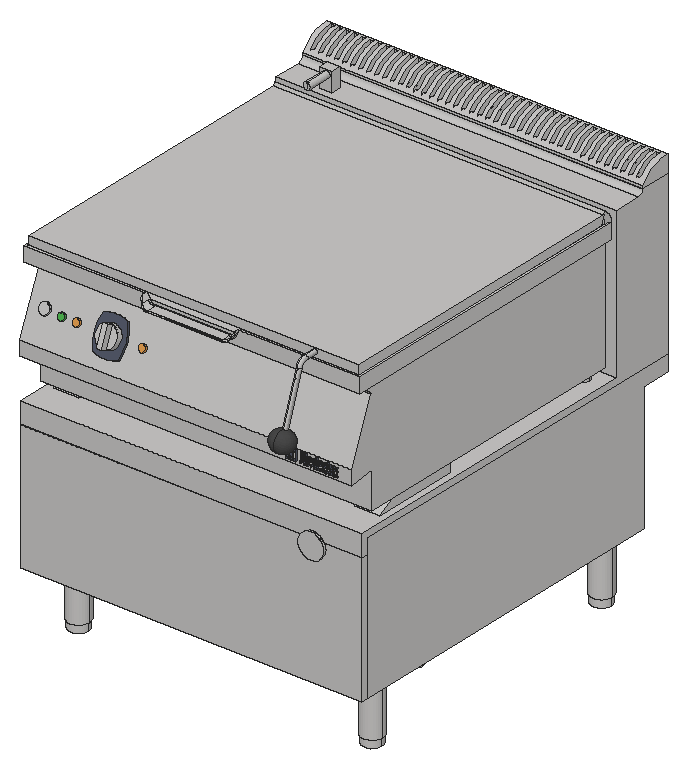
Revit family "QF_ELECTROLUXPROFESSIONAL_391598_E9PPBTBAMED", category Attrezzature speciali, Revit 2021 (continued)
Lines and regions (mm)
  symbolic lines
    curve 224: line (760.562, -6.761, 0) -> (760.562, -63.911, 0)
    curve 225: line (777.847, -63.911, 0) -> (787.142, -63.911, 0)
    curve 226: line (787.142, -63.911, 0) -> (787.142, -6.761, 0)
    curve 227: line (787.142, -6.761, 0) -> (777.847, -6.761, 0)
    curve 228: line (777.847, -6.761, 0) -> (777.847, -63.911, 0)
  symbolic lines, style "QF_Clearances", visible <- "Show Clearance", detail levels coarse
    curve 17: line (-50, 50, 150) -> (-50, -918.182, 150)
    curve 18: line (850, 50, 150) -> (850, -915, 150)
    curve 19: line (850, 50, 150) -> (-50, 50, 150)
Dimensions and locks
  equal spacing: plane 3 "LEFT", plane 7 "Center Y", plane 4 "RIGHT"
  plane 3 "LEFT" to plane 4 "RIGHT" = 800 mm
  equal spacing: plane 5 "FRONT", plane 8 "Center X", plane 1 "BACK"
  plane 5 "FRONT" to plane 1 "BACK" = 915 mm  (x2)
  plane 9 "Base" to level = 149 mm
  plane 11 to level = 1653 mm
  plane 11 to plane 2 = 1653 mm
  plane 9 "Base" to plane 2 = 149 mm
  plane 13 to plane 12 = 674 mm
  plane 6 "TOP" to plane 2 = 908 mm
  plane 4 "RIGHT" to plane 16 to plane 14 to plane 3 "LEFT" = 55 mm, 690 mm, 55 mm
  plane 1 "BACK" to plane 17 = 1014 mm
  Extrusion 12 to plane 1 "BACK" = 69 mm
  Extrusion 6 to plane 9 "Base" = 701 mm
  plane 2 to Extrusion 12 = 448 mm
  Extrusion 3 to plane 13 = 100.182 mm
  plane 12 to Extrusion 12 = 56 mm
  plane 4 "RIGHT" to plane 19 = 14 mm
  plane 20 to plane 9 "Base" to level = 701 mm, 149 mm
  plane 1 "BACK" to Extrusion 12 = 69 mm
  Extrusion 12 to plane 12 = 56 mm
  plane 12 to plane 13 = 674 mm
  plane 13 to Extrusion 3 = 100.182 mm
  Extrusion 12 to level = 448 mm
  plane 6 "TOP" to level = 908 mm
  plane 21 "Connection" to level = 182 mm
  plane 1 "BACK" to plane 22 = 706 mm
  plane 3 "LEFT" to Extrusion 20 sketch curve = 105 mm
  Extrusion 21 sketch curve to plane 1 "BACK" = 698 mm
  plane 3 "LEFT" to Extrusion 21 sketch curve = 195 mm
  Extrusion 21 to plane 1 "BACK" = 698 mm
  plane 3 "LEFT" to Extrusion 22 sketch curve = 265 mm
  plane 3 "LEFT" to plane 24 = 105 mm
  plane 3 "LEFT" to plane 25 = 195 mm
  plane 3 "LEFT" to plane 23 = 265 mm
  Extrusion 3 to Extrusion 17 = 181 mm
  Extrusion 17 to Extrusion 3 = 181 mm
  plane 20 to level = 850 mm
  aligned and locked: level to plane 2
  aligned and locked: Extrusion 12 to plane 3 "LEFT"
Automatic sketch dimensions
  Revolve 1 sketch curve to plane 9 "Base" = 0 mm  (x2)
  Revolve 1 sketch curve to level = 0 mm
  Revolve 1 sketch curve to plane 14 = 0 mm  (x2)
  Revolve 1 sketch curve to Revolve 1 sketch curve = 22.9 mm
  Revolve 1 sketch curve to Revolve 1 sketch curve = 2.5 mm
  level to Revolve 1 sketch curve = 19.05 mm
  Revolve 1 sketch curve to plane 21 "Connection" = 13 mm
  Revolve 2 sketch curve to plane 9 "Base" = 0 mm  (x2)
  Revolve 2 sketch curve to level = 0 mm
  Revolve 2 sketch curve to plane 14 = 0 mm  (x2)
  Revolve 2 sketch curve to Revolve 2 sketch curve = 22.9 mm
  Revolve 2 sketch curve to Revolve 2 sketch curve = 2.5 mm
  level to Revolve 2 sketch curve = 19.05 mm
  Revolve 2 sketch curve to plane 21 "Connection" = 13 mm
  Extrusion 7 sketch curve to plane 10 = 0 mm
  Extrusion 7 sketch curve to plane 13 = 25.484 mm
  plane 13 to Extrusion 7 sketch curve = 28.261 mm
  plane 22 to Extrusion 7 sketch curve = 87.5 mm
  plane 10 to Extrusion 7 sketch curve = 26.213 mm
  Extrusion 8 sketch curve to plane 16 = 8.429 mm
  Extrusion 8 sketch curve to plane 14 = 8.429 mm
  Extrusion 8 sketch curve to plane 12 = 64.686 mm  (x2)
  Extrusion 9 sketch curve to plane 6 "TOP" = 10 mm
  Extrusion 9 sketch curve to plane 12 = 7.127 mm
  plane 12 to Extrusion 9 sketch curve = 16.931 mm
  plane 20 to Extrusion 9 sketch curve = 3.88 mm
  Revolve 10 sketch curve to plane 6 "TOP" = 19.903 mm
  Revolve 10 sketch curve to plane 12 = 63.311 mm
  Revolve 10 sketch curve to plane 12 = 7.127 mm
  Revolve 10 sketch curve to Revolve 10 sketch curve = 0 mm  (x2)
  plane 12 to Revolve 10 sketch curve = 1.394 mm
  Revolve 10 sketch curve to plane 6 "TOP" = 11.778 mm
  Revolve 13 sketch curve to plane 9 "Base" = 0 mm  (x2)
  Revolve 13 sketch curve to level = 0 mm
  plane 16 to Revolve 13 sketch curve = 0 mm  (x2)
  Revolve 13 sketch curve to plane 19 = 18.1 mm
  Revolve 13 sketch curve to Revolve 13 sketch curve = 2.5 mm
  Revolve 13 sketch curve to plane 21 "Connection" = 13 mm
  level to Revolve 13 sketch curve = 19.05 mm
  Revolve 14 sketch curve to plane 9 "Base" = 0 mm  (x2)
  Revolve 14 sketch curve to level = 0 mm
  plane 16 to Revolve 14 sketch curve = 0 mm  (x2)
  Revolve 14 sketch curve to plane 19 = 18.1 mm
  Revolve 14 sketch curve to Revolve 14 sketch curve = 2.5 mm
  Revolve 14 sketch curve to plane 21 "Connection" = 13 mm
  level to Revolve 14 sketch curve = 19.05 mm
  plane 17 to Revolve 16 sketch curve = 18.604 mm
  Revolve 16 sketch curve to Revolve 16 sketch curve = 0 mm  (x4)
  plane 17 to Revolve 16 sketch curve = 22.834 mm
  Revolve 16 sketch curve to Revolve 16 sketch curve = 3.746 mm
  Revolve 16 sketch curve to Revolve 16 sketch curve = 7.415 mm
  plane 10 to Revolve 16 sketch curve = 172.444 mm
  Revolve 16 sketch curve to Revolve 16 sketch curve = 22.45 mm
  plane 10 to Extrusion 19 sketch curve = 0 mm
  Extrusion 19 sketch curve to plane 13 = 25.484 mm
  plane 13 to Extrusion 19 sketch curve = 28.261 mm
  plane 22 to Extrusion 19 sketch curve = 87.5 mm
  plane 10 to Extrusion 19 sketch curve = 26.213 mm
  Extrusion 23 sketch curve to Extrusion 23 sketch curve = 0 mm  (x4)
  Extrusion 23 sketch curve to plane 23 = 24.996 mm
  Extrusion 23 sketch curve to Extrusion 23 sketch curve = 4.545 mm
  Extrusion 23 sketch curve to Extrusion 23 sketch curve = 2.771 mm  (x2)
  Extrusion 23 sketch curve to Extrusion 23 sketch curve = 14.214 mm
  Extrusion 23 sketch curve to plane 20 = 40.578 mm
  plane 7 "Center Y" to Extrusion 23 sketch curve = 88.474 mm
  Extrusion 23 sketch curve to plane 20 = 32.378 mm
  Extrusion 23 sketch curve to Extrusion 23 sketch curve = 14.203 mm
  Extrusion 23 sketch curve to plane 20 = 33.978 mm
  Extrusion 23 sketch curve to plane 20 = 19.699 mm
  Extrusion 23 sketch curve to Extrusion 23 sketch curve = 7.32 mm
  Extrusion 23 sketch curve to Extrusion 23 sketch curve = 6.606 mm
  Extrusion 23 sketch curve to Extrusion 23 sketch curve = 6.4 mm  (x2)
  Extrusion 23 sketch curve to Extrusion 23 sketch curve = 7.872 mm
  plane 25 to Extrusion 25 sketch curve = 22.344 mm
  plane 23 to Extrusion 25 sketch curve = 31.059 mm
  Extrusion 25 sketch curve to Extrusion 25 sketch curve = 0 mm
  Extrusion 25 sketch curve to plane 25 = 8.324 mm
  Extrusion 25 sketch curve to Extrusion 25 sketch curve = 12.3 mm  (x2)
  plane 23 to Extrusion 25 sketch curve = 7.4 mm
  Extrusion 25 sketch curve to Extrusion 25 sketch curve = 34.925 mm  (x2)
  Extrusion 25 sketch curve to Extrusion 25 sketch curve = 50.015 mm
  plane 25 to Extrusion 25 sketch curve = 20.225 mm
  Extrusion 26 sketch curve to plane 24 = 17.623 mm
  plane 24 to Extrusion 27 sketch curve = 17.681 mm
  Extrusion 28 sketch curve to plane 25 = 7.917 mm
  Extrusion 29 sketch curve to Extrusion 29 sketch curve = 24.732 mm
  Extrusion 29 sketch curve to Extrusion 29 sketch curve = 0 mm
  Extrusion 30 sketch curve to plane 14 = 7.427 mm
  Extrusion 31 sketch curve to plane 23 = 12.623 mm
  Extrusion 32 sketch curve to plane 11 = 87.075 mm
  plane 8 "Center X" to Extrusion 32 sketch curve = 110.667 mm
  Extrusion 32 sketch curve to Extrusion 32 sketch curve = 694.86 mm
  Extrusion 32 sketch curve to Extrusion 32 sketch curve = 15.993 mm
  Extrusion 32 sketch curve to Extrusion 32 sketch curve = 5.354 mm
  Extrusion 32 sketch curve to Extrusion 32 sketch curve = 3.503 mm
  Extrusion 32 sketch curve to Extrusion 32 sketch curve = 12.189 mm
  Extrusion 32 sketch curve to Extrusion 32 sketch curve = 3.348 mm
  Extrusion 32 sketch curve to Extrusion 32 sketch curve = 18.4 mm  (x2)
  Extrusion 32 sketch curve to Extrusion 32 sketch curve = 2.697 mm
  Extrusion 32 sketch curve to Extrusion 32 sketch curve = 14.057 mm
  Extrusion 32 sketch curve to Extrusion 32 sketch curve = 4.418 mm
  Extrusion 32 sketch curve to Extrusion 32 sketch curve = 11 mm
  Extrusion 32 sketch curve to Extrusion 32 sketch curve = 6.539 mm
  Sweep 33 sketch curve to plane 8 "Center X" = 20.462 mm
  Sweep 33 sketch curve to plane 11 = 28.458 mm
  Sweep 33 sketch curve to Sweep 33 sketch curve = 41.037 mm
  Sweep 33 sketch curve to Sweep 33 sketch curve = 18.794 mm
  Sweep 33 sketch curve to Sweep 33 sketch curve = 28.354 mm
  Sweep 33 sketch curve to Sweep 33 sketch curve = 105.908 mm
  Sweep 33 sketch curve to Sweep 33 sketch curve = 6.84 mm
  Sweep 33 sketch curve to profile plane = 0 mm
  profile plane to Sweep 33 sketch curve = 676.16 mm
  Revolve 34 sketch curve to plane 11 = 23.591 mm
  Revolve 34 sketch curve to plane 8 "Center X" = 65.198 mm
  Revolve 34 sketch curve to Revolve 34 sketch curve = 0 mm  (x4)
  Revolve 34 sketch curve to Revolve 34 sketch curve = 4.229 mm
  Revolve 34 sketch curve to Revolve 34 sketch curve = 3.746 mm
  Revolve 34 sketch curve to Revolve 34 sketch curve = 7.415 mm
  Revolve 34 sketch curve to Revolve 34 sketch curve = 22.45 mm
  Extrusion 36 sketch curve to plane 20 = 53.641 mm
  plane 7 "Center Y" to Extrusion 36 sketch curve = 110 mm
  Extrusion 36 sketch curve to plane 20 = 32.378 mm
  Extrusion 36 sketch curve to Extrusion 36 sketch curve = 7.323 mm
  Extrusion 36 sketch curve to Extrusion 36 sketch curve = 14.203 mm
  Extrusion 36 sketch curve to plane 23 = 46.526 mm
  Extrusion 36 sketch curve to Extrusion 36 sketch curve = 14.214 mm
  Extrusion 36 sketch curve to Extrusion 36 sketch curve = 7.316 mm
  Extrusion 36 sketch curve to Extrusion 36 sketch curve = 21.27 mm
  Extrusion 36 sketch curve to Extrusion 36 sketch curve = 8.2 mm
  Extrusion 36 sketch curve to Extrusion 36 sketch curve = 12.672 mm
  Extrusion 36 sketch curve to Extrusion 36 sketch curve = 12.685 mm
  Extrusion 35 sketch curve to Extrusion 35 sketch curve = 0 mm  (x27)
  plane 16 to Extrusion 35 sketch curve = 31.031 mm
  plane 10 to Extrusion 35 sketch curve = 104.853 mm
  Extrusion 35 sketch curve to Extrusion 35 sketch curve = 3.509 mm  (x2)
  Extrusion 35 sketch curve to plane 16 = 9.633 mm
  Extrusion 35 sketch curve to Extrusion 35 sketch curve = 2.459 mm  (x3)
  Extrusion 35 sketch curve to plane 16 = 1.86 mm
  plane 16 to Extrusion 35 sketch curve = 4.143 mm
  Extrusion 35 sketch curve to Extrusion 35 sketch curve = 0.918 mm  (x4)
  Extrusion 35 sketch curve to Extrusion 35 sketch curve = 0.949 mm  (x2)
  Extrusion 35 sketch curve to Extrusion 35 sketch curve = 1.035 mm
  Extrusion 35 sketch curve to Extrusion 35 sketch curve = 1.047 mm
  Extrusion 35 sketch curve to Extrusion 35 sketch curve = 3.513 mm  (x2)
  plane 16 to Extrusion 35 sketch curve = 36.887 mm
  Extrusion 35 sketch curve to Extrusion 35 sketch curve = 0.045 mm  (x2)
  plane 16 to Extrusion 35 sketch curve = 29.554 mm
  Extrusion 35 sketch curve to Extrusion 35 sketch curve = 0.277 mm
  Extrusion 35 sketch curve to Extrusion 35 sketch curve = 0.3 mm  (x2)
  Extrusion 35 sketch curve to Extrusion 35 sketch curve = 0.004 mm  (x3)
  Extrusion 35 sketch curve to Extrusion 35 sketch curve = 0.636 mm
  Extrusion 35 sketch curve to Extrusion 35 sketch curve = 0.02 mm  (x2)
  plane 16 to Extrusion 35 sketch curve = 36.125 mm
  Extrusion 35 sketch curve to Extrusion 35 sketch curve = 0.479 mm  (x2)
  plane 16 to Extrusion 35 sketch curve = 28.791 mm
  Extrusion 35 sketch curve to Extrusion 35 sketch curve = 1.645 mm
  Extrusion 35 sketch curve to Extrusion 35 sketch curve = 1.672 mm
  plane 16 to Extrusion 35 sketch curve = 4.181 mm
  Extrusion 35 sketch curve to Extrusion 35 sketch curve = 1.71 mm
  Extrusion 35 sketch curve to Extrusion 35 sketch curve = 0.447 mm  (x2)
  Extrusion 35 sketch curve to Extrusion 35 sketch curve = 0.343 mm
  plane 16 to Extrusion 35 sketch curve = 65.019 mm
  Extrusion 35 sketch curve to Extrusion 35 sketch curve = 0.246 mm
  Extrusion 35 sketch curve to Extrusion 35 sketch curve = 0.124 mm  (x2)
  Extrusion 35 sketch curve to Extrusion 35 sketch curve = 1.995 mm
  Extrusion 35 sketch curve to plane 16 = 3.68 mm
  Extrusion 35 sketch curve to Extrusion 35 sketch curve = 0.996 mm  (x2)
  Extrusion 35 sketch curve to Extrusion 35 sketch curve = 0.509 mm
  Extrusion 35 sketch curve to Extrusion 35 sketch curve = 2.427 mm  (x2)
  Extrusion 35 sketch curve to Extrusion 35 sketch curve = 0.616 mm  (x2)
  Extrusion 35 sketch curve to Extrusion 35 sketch curve = 0.017 mm  (x2)
  Extrusion 35 sketch curve to Extrusion 35 sketch curve = 0.926 mm
  Extrusion 35 sketch curve to Extrusion 35 sketch curve = 0.911 mm
  Extrusion 35 sketch curve to Extrusion 35 sketch curve = 1.839 mm
  Extrusion 35 sketch curve to Extrusion 35 sketch curve = 0.306 mm  (x2)
  Extrusion 35 sketch curve to Extrusion 35 sketch curve = 0.917 mm  (x3)
  Extrusion 35 sketch curve to Extrusion 35 sketch curve = 0.159 mm  (x2)
  Extrusion 35 sketch curve to plane 16 = 3.231 mm
  Extrusion 35 sketch curve to Extrusion 35 sketch curve = 1.342 mm
  Extrusion 35 sketch curve to Extrusion 35 sketch curve = 0.187 mm  (x2)
  Extrusion 35 sketch curve to Extrusion 35 sketch curve = 0.679 mm  (x2)
  Extrusion 35 sketch curve to Extrusion 35 sketch curve = 0.67 mm
  Extrusion 35 sketch curve to Extrusion 35 sketch curve = 0.002 mm
  Extrusion 35 sketch curve to Extrusion 35 sketch curve = 0.007 mm  (x3)
  Extrusion 35 sketch curve to Extrusion 35 sketch curve = 0.383 mm  (x4)
  plane 16 to Extrusion 35 sketch curve = 34.193 mm
  plane 16 to Extrusion 35 sketch curve = 26.86 mm
  Extrusion 35 sketch curve to Extrusion 35 sketch curve = 0.075 mm  (x2)
  Extrusion 35 sketch curve to Extrusion 35 sketch curve = 0.677 mm  (x2)
  Extrusion 35 sketch curve to Extrusion 35 sketch curve = 0.957 mm
  Extrusion 35 sketch curve to Extrusion 35 sketch curve = 1.024 mm
  Extrusion 35 sketch curve to Extrusion 35 sketch curve = 0.328 mm  (x2)
  plane 16 to Extrusion 35 sketch curve = 26.143 mm
  Extrusion 35 sketch curve to Extrusion 35 sketch curve = 0.492 mm  (x2)
  plane 16 to Extrusion 35 sketch curve = 33.476 mm
  Extrusion 35 sketch curve to Extrusion 35 sketch curve = 1.802 mm  (x2)
  Extrusion 35 sketch curve to Extrusion 35 sketch curve = 4.854 mm
  Extrusion 35 sketch curve to plane 16 = 3.201 mm
  Extrusion 35 sketch curve to Extrusion 35 sketch curve = 1.815 mm
  Extrusion 35 sketch curve to Extrusion 35 sketch curve = 3.936 mm
  plane 16 to Extrusion 35 sketch curve = 18.717 mm  (x4)
  Extrusion 35 sketch curve to Extrusion 35 sketch curve = 4.769 mm
  plane 16 to Extrusion 35 sketch curve = 43.012 mm  (x4)
  Extrusion 35 sketch curve to Extrusion 35 sketch curve = 4.78 mm
  plane 16 to Extrusion 35 sketch curve = 2.789 mm
  Extrusion 35 sketch curve to Extrusion 35 sketch curve = 4.809 mm
  plane 16 to Extrusion 35 sketch curve = 54.783 mm
  Extrusion 35 sketch curve to Extrusion 35 sketch curve = 4.821 mm
  plane 16 to Extrusion 35 sketch curve = 32.77 mm
  Extrusion 35 sketch curve to Extrusion 35 sketch curve = 5.852 mm
  Extrusion 35 sketch curve to plane 16 = 2.999 mm
  Extrusion 35 sketch curve to Extrusion 35 sketch curve = 5.071 mm  (x4)
  Extrusion 35 sketch curve to Extrusion 35 sketch curve = 0.003 mm  (x2)
  plane 16 to Extrusion 35 sketch curve = 33.791 mm
  Extrusion 35 sketch curve to Extrusion 35 sketch curve = 0.046 mm
  plane 16 to Extrusion 35 sketch curve = 71.33 mm
  Extrusion 35 sketch curve to Extrusion 35 sketch curve = 0.068 mm
  Extrusion 35 sketch curve to Extrusion 35 sketch curve = 10.348 mm
  plane 16 to Extrusion 35 sketch curve = 38.925 mm  (x2)
  Extrusion 35 sketch curve to Extrusion 35 sketch curve = 1.761 mm
  plane 16 to Extrusion 35 sketch curve = 50.493 mm
  Extrusion 35 sketch curve to Extrusion 35 sketch curve = 1.821 mm
  plane 16 to Extrusion 35 sketch curve = 54.702 mm
  Extrusion 35 sketch curve to Extrusion 35 sketch curve = 2.064 mm  (x2)
  Extrusion 35 sketch curve to Extrusion 35 sketch curve = 2.196 mm  (x3)
  Extrusion 35 sketch curve to Extrusion 35 sketch curve = 2.206 mm  (x2)
  plane 16 to Extrusion 35 sketch curve = 2.77 mm
  Extrusion 35 sketch curve to Extrusion 35 sketch curve = 2.216 mm
  Extrusion 35 sketch curve to Extrusion 35 sketch curve = 0.588 mm
  Extrusion 35 sketch curve to Extrusion 35 sketch curve = 0.037 mm
  Extrusion 35 sketch curve to Extrusion 35 sketch curve = 0.109 mm
  plane 16 to Extrusion 35 sketch curve = 32.761 mm
  Extrusion 35 sketch curve to Extrusion 35 sketch curve = 2.272 mm  (x2)
  Extrusion 35 sketch curve to plane 16 = 4.747 mm
  Extrusion 35 sketch curve to Extrusion 35 sketch curve = 2.435 mm
  Extrusion 35 sketch curve to Extrusion 35 sketch curve = 1.25 mm
  plane 16 to Extrusion 35 sketch curve = 51.95 mm
  Extrusion 35 sketch curve to Extrusion 35 sketch curve = 1.417 mm
  plane 16 to Extrusion 35 sketch curve = 40.422 mm  (x2)
  Extrusion 35 sketch curve to Extrusion 35 sketch curve = 1.558 mm  (x2)
  Extrusion 35 sketch curve to plane 16 = 11.031 mm
  Extrusion 35 sketch curve to Extrusion 35 sketch curve = 3.247 mm
  Extrusion 35 sketch curve to plane 16 = 8.176 mm  (x2)
  Extrusion 35 sketch curve to Extrusion 35 sketch curve = 0.339 mm
  plane 16 to Extrusion 35 sketch curve = 7.423 mm
  Extrusion 35 sketch curve to Extrusion 35 sketch curve = 4.029 mm
  Extrusion 35 sketch curve to Extrusion 35 sketch curve = 1.655 mm
  plane 16 to Extrusion 35 sketch curve = 4.985 mm
  Extrusion 35 sketch curve to Extrusion 35 sketch curve = 0.201 mm
  plane 16 to Extrusion 35 sketch curve = 37.42 mm
  Extrusion 35 sketch curve to Extrusion 35 sketch curve = 2.769 mm
  plane 16 to Extrusion 35 sketch curve = 0.553 mm
  Extrusion 35 sketch curve to Extrusion 35 sketch curve = 0.162 mm
  Extrusion 35 sketch curve to Extrusion 35 sketch curve = 0.137 mm
  Extrusion 35 sketch curve to Extrusion 35 sketch curve = 2.101 mm
  Extrusion 35 sketch curve to Extrusion 35 sketch curve = 0.103 mm  (x2)
  plane 16 to Extrusion 35 sketch curve = 49.846 mm
  Extrusion 35 sketch curve to Extrusion 35 sketch curve = 1.498 mm
  plane 16 to Extrusion 35 sketch curve = 60.227 mm
  Extrusion 35 sketch curve to Extrusion 35 sketch curve = 0.566 mm
  plane 16 to Extrusion 35 sketch curve = 24.258 mm
  Extrusion 35 sketch curve to Extrusion 35 sketch curve = 3.183 mm  (x2)
  plane 16 to Extrusion 35 sketch curve = 13.177 mm
  Extrusion 35 sketch curve to Extrusion 35 sketch curve = 5.077 mm
  plane 16 to Extrusion 35 sketch curve = 21.859 mm
  plane 16 to Extrusion 35 sketch curve = 15.575 mm
  plane 16 to Extrusion 35 sketch curve = 46.149 mm
  Extrusion 35 sketch curve to Extrusion 35 sketch curve = 0.627 mm  (x2)
  plane 16 to Extrusion 35 sketch curve = 48.557 mm
  Extrusion 35 sketch curve to Extrusion 35 sketch curve = 0.262 mm
  Extrusion 35 sketch curve to plane 16 = 6.847 mm
  Extrusion 35 sketch curve to Extrusion 35 sketch curve = 1.773 mm
  Extrusion 35 sketch curve to plane 16 = 9.507 mm
  Extrusion 35 sketch curve to Extrusion 35 sketch curve = 1.793 mm
  Extrusion 35 sketch curve to Extrusion 35 sketch curve = 3.89 mm
  plane 16 to Extrusion 35 sketch curve = 57.717 mm
  Extrusion 35 sketch curve to Extrusion 35 sketch curve = 1.7 mm
  Extrusion 35 sketch curve to Extrusion 35 sketch curve = 1.733 mm
  Extrusion 35 sketch curve to Extrusion 35 sketch curve = 4.169 mm
  Extrusion 35 sketch curve to Extrusion 35 sketch curve = 1.242 mm
  Extrusion 35 sketch curve to Extrusion 35 sketch curve = 2.572 mm  (x2)
  Extrusion 35 sketch curve to plane 16 = 11.394 mm
  Extrusion 35 sketch curve to Extrusion 35 sketch curve = 2.881 mm
  Extrusion 35 sketch curve to Extrusion 35 sketch curve = 3.582 mm
  plane 16 to Extrusion 35 sketch curve = 25.635 mm
  Extrusion 35 sketch curve to Extrusion 35 sketch curve = 0.101 mm
  Extrusion 35 sketch curve to plane 16 = 4.843 mm
  Extrusion 35 sketch curve to Extrusion 35 sketch curve = 2.74 mm
  Extrusion 35 sketch curve to Extrusion 35 sketch curve = 1.113 mm
  plane 16 to Extrusion 35 sketch curve = 54.844 mm  (x2)
  Extrusion 35 sketch curve to Extrusion 35 sketch curve = 2.226 mm
  Extrusion 35 sketch curve to Extrusion 35 sketch curve = 2.28 mm
  plane 16 to Extrusion 35 sketch curve = 28.375 mm
  Extrusion 35 sketch curve to Extrusion 35 sketch curve = 0.585 mm
  Extrusion 35 sketch curve to plane 16 = 3.341 mm
  Extrusion 35 sketch curve to Extrusion 35 sketch curve = 2.054 mm
  Extrusion 35 sketch curve to plane 16 = 13.011 mm
  Extrusion 35 sketch curve to Extrusion 35 sketch curve = 2.203 mm
  Extrusion 35 sketch curve to Extrusion 35 sketch curve = 1.51 mm
  Extrusion 35 sketch curve to Extrusion 35 sketch curve = 5.923 mm
  plane 16 to Extrusion 35 sketch curve = 24.628 mm
  Extrusion 35 sketch curve to Extrusion 35 sketch curve = 2.337 mm
  Extrusion 35 sketch curve to Extrusion 35 sketch curve = 1.561 mm
  Extrusion 35 sketch curve to Extrusion 35 sketch curve = 3.319 mm
  Extrusion 35 sketch curve to Extrusion 35 sketch curve = 0.191 mm
  Extrusion 35 sketch curve to Extrusion 35 sketch curve = 2.274 mm
  Extrusion 35 sketch curve to Extrusion 35 sketch curve = 3.888 mm  (x2)
  Extrusion 35 sketch curve to Extrusion 35 sketch curve = 0.986 mm
  Extrusion 35 sketch curve to Extrusion 35 sketch curve = 2.323 mm
  Extrusion 35 sketch curve to Extrusion 35 sketch curve = 2.865 mm
  Extrusion 35 sketch curve to Extrusion 35 sketch curve = 2.599 mm
  Extrusion 35 sketch curve to Extrusion 35 sketch curve = 0.998 mm  (x6)
  Extrusion 35 sketch curve to Extrusion 35 sketch curve = 1.022 mm
  Extrusion 35 sketch curve to Extrusion 35 sketch curve = 1.117 mm
  Extrusion 35 sketch curve to Extrusion 35 sketch curve = 1.993 mm
  Extrusion 35 sketch curve to Extrusion 35 sketch curve = 0.851 mm
  Extrusion 35 sketch curve to Extrusion 35 sketch curve = 1.073 mm
  Extrusion 35 sketch curve to Extrusion 35 sketch curve = 0.448 mm  (x2)
  Extrusion 35 sketch curve to Extrusion 35 sketch curve = 0.9 mm
  Extrusion 35 sketch curve to plane 16 = 1.884 mm
  Extrusion 35 sketch curve to plane 16 = 0.788 mm
  Extrusion 35 sketch curve to Extrusion 35 sketch curve = 1.008 mm
  Extrusion 35 sketch curve to Extrusion 35 sketch curve = 2.221 mm
  Extrusion 35 sketch curve to Extrusion 35 sketch curve = 0.038 mm
  Extrusion 35 sketch curve to Extrusion 35 sketch curve = 0.971 mm
  Extrusion 35 sketch curve to Extrusion 35 sketch curve = 1.849 mm
  Extrusion 35 sketch curve to Extrusion 35 sketch curve = 2.419 mm
  Extrusion 35 sketch curve to Extrusion 35 sketch curve = 6.696 mm  (x2)
  Extrusion 35 sketch curve to Extrusion 35 sketch curve = 5.345 mm
  Extrusion 35 sketch curve to Extrusion 35 sketch curve = 0.421 mm  (x2)
  Extrusion 35 sketch curve to Extrusion 35 sketch curve = 0.078 mm  (x2)
  Extrusion 35 sketch curve to Extrusion 35 sketch curve = 0.133 mm  (x2)
  Extrusion 35 sketch curve to Extrusion 35 sketch curve = 0.006 mm  (x2)
  Extrusion 35 sketch curve to Extrusion 35 sketch curve = 0.23 mm  (x2)
  Extrusion 35 sketch curve to Extrusion 35 sketch curve = 0.065 mm  (x2)
  Extrusion 35 sketch curve to Extrusion 35 sketch curve = 0.279 mm  (x2)
  Extrusion 35 sketch curve to Extrusion 35 sketch curve = 0.251 mm  (x2)
  Extrusion 35 sketch curve to Extrusion 35 sketch curve = 0.134 mm  (x2)
  Extrusion 35 sketch curve to Extrusion 35 sketch curve = 0.009 mm  (x2)
  Extrusion 35 sketch curve to Extrusion 35 sketch curve = 0.164 mm  (x2)
  Extrusion 35 sketch curve to Extrusion 35 sketch curve = 0.077 mm  (x2)
  Extrusion 35 sketch curve to Extrusion 35 sketch curve = 0.866 mm  (x2)
  Extrusion 35 sketch curve to Extrusion 35 sketch curve = 2.398 mm
  Extrusion 35 sketch curve to Extrusion 35 sketch curve = 2.034 mm
  Extrusion 35 sketch curve to Extrusion 35 sketch curve = 2.418 mm
  Extrusion 35 sketch curve to Extrusion 35 sketch curve = 1.355 mm
  Extrusion 35 sketch curve to Extrusion 35 sketch curve = 3.835 mm
  Extrusion 35 sketch curve to Extrusion 35 sketch curve = 0.047 mm  (x2)
  Extrusion 35 sketch curve to Extrusion 35 sketch curve = 0.135 mm
  Extrusion 35 sketch curve to Extrusion 35 sketch curve = 0.977 mm
  Extrusion 35 sketch curve to Extrusion 35 sketch curve = 0.409 mm
  Extrusion 35 sketch curve to Extrusion 35 sketch curve = 4.118 mm
  Extrusion 35 sketch curve to Extrusion 35 sketch curve = 0.175 mm
  Extrusion 35 sketch curve to Extrusion 35 sketch curve = 1.827 mm
  Extrusion 35 sketch curve to Extrusion 35 sketch curve = 2.428 mm
  Extrusion 35 sketch curve to Extrusion 35 sketch curve = 0.061 mm
  Extrusion 35 sketch curve to Extrusion 35 sketch curve = 6.931 mm
  Extrusion 35 sketch curve to Extrusion 35 sketch curve = 1.165 mm
  Extrusion 35 sketch curve to Extrusion 35 sketch curve = 2.417 mm
  Extrusion 35 sketch curve to Extrusion 35 sketch curve = 1.133 mm
  Extrusion 35 sketch curve to Extrusion 35 sketch curve = 0.82 mm
  Extrusion 35 sketch curve to Extrusion 35 sketch curve = 1.717 mm
  Extrusion 35 sketch curve to Extrusion 35 sketch curve = 0.161 mm
  Extrusion 35 sketch curve to Extrusion 35 sketch curve = 1.885 mm
  Extrusion 35 sketch curve to Extrusion 35 sketch curve = 2.261 mm
  Extrusion 35 sketch curve to Extrusion 35 sketch curve = 1.718 mm
  Extrusion 35 sketch curve to Extrusion 35 sketch curve = 0.886 mm
  Extrusion 35 sketch curve to Extrusion 35 sketch curve = 0.969 mm
  Extrusion 35 sketch curve to Extrusion 35 sketch curve = 1.997 mm
  Extrusion 35 sketch curve to Extrusion 35 sketch curve = 0.001 mm
  Extrusion 35 sketch curve to Extrusion 35 sketch curve = 5.646 mm
  Extrusion 35 sketch curve to Extrusion 35 sketch curve = 0.067 mm
  Extrusion 35 sketch curve to Extrusion 35 sketch curve = 0.04 mm
  Extrusion 35 sketch curve to Extrusion 35 sketch curve = 0.939 mm
  Extrusion 35 sketch curve to Extrusion 35 sketch curve = 0.873 mm
  Extrusion 35 sketch curve to Extrusion 35 sketch curve = 2.416 mm
  Extrusion 35 sketch curve to Extrusion 35 sketch curve = 9.714 mm
  Extrusion 35 sketch curve to Extrusion 35 sketch curve = 8.795 mm
  Extrusion 35 sketch curve to Extrusion 35 sketch curve = 1.097 mm  (x2)
  Extrusion 35 sketch curve to Extrusion 35 sketch curve = 1.972 mm
  Extrusion 35 sketch curve to Extrusion 35 sketch curve = 0.238 mm
  Extrusion 35 sketch curve to Extrusion 35 sketch curve = 3.568 mm
  Extrusion 35 sketch curve to Extrusion 35 sketch curve = 3.898 mm
  Extrusion 35 sketch curve to Extrusion 35 sketch curve = 0.915 mm  (x2)
  Extrusion 35 sketch curve to Extrusion 35 sketch curve = 0.408 mm  (x2)
  Extrusion 35 sketch curve to Extrusion 35 sketch curve = 0.453 mm  (x2)
  Extrusion 35 sketch curve to Extrusion 35 sketch curve = 0.239 mm  (x2)
  Extrusion 35 sketch curve to Extrusion 35 sketch curve = 0.266 mm  (x2)
  Extrusion 35 sketch curve to Extrusion 35 sketch curve = 0.148 mm  (x2)
  Extrusion 35 sketch curve to Extrusion 35 sketch curve = 0.764 mm  (x2)
  Extrusion 35 sketch curve to Extrusion 35 sketch curve = 0.041 mm  (x2)
  Extrusion 35 sketch curve to Extrusion 35 sketch curve = 1.266 mm  (x2)
  plane 19 to Extrusion 37 sketch curve = 1.142 mm
  Extrusion 37 sketch curve to plane 19 = 8.153 mm
  Extrusion 37 sketch curve to Extrusion 37 sketch curve = 7.989 mm
  Extrusion 37 sketch curve to Extrusion 37 sketch curve = 9.296 mm  (x35)
  Extrusion 37 sketch curve to plane 16 = 6.165 mm
  plane 16 to Extrusion 37 sketch curve = 3.131 mm
  Extrusion 37 sketch curve to Extrusion 37 sketch curve = 9.397 mm  (x34)
  plane 7 "Center Y" to Extrusion 37 sketch curve = 5.402 mm
  Extrusion 37 sketch curve to plane 7 "Center Y" = 3.994 mm
  Extrusion 37 sketch curve to plane 23 = 0.157 mm
  plane 23 to Extrusion 37 sketch curve = 9.138 mm
  Extrusion 37 sketch curve to plane 25 = 4.784 mm
  plane 25 to Extrusion 37 sketch curve = 4.613 mm
  Extrusion 37 sketch curve to plane 24 = 1.321 mm
  plane 24 to Extrusion 37 sketch curve = 8.076 mm
  plane 14 to Extrusion 37 sketch curve = 4.539 mm
  Extrusion 37 sketch curve to plane 14 = 4.757 mm
  plane 1 "BACK" to Extrusion 37 sketch curve = 6.761 mm  (x42)
  Extrusion 37 sketch curve to Extrusion 37 sketch curve = 57.15 mm  (x3)
  Extrusion 37 sketch curve to Extrusion 37 sketch curve = 0 mm  (x39)
  plane 26 "FUME" to Extrusion 38 sketch curve = 0 mm
  Extrusion 38 sketch curve to plane 1 "BACK" = 0 mm
  plane 1 "BACK" to Extrusion 38 sketch curve = 1.769 mm
  Extrusion 38 sketch curve to plane 26 "FUME" = 5.044 mm
  plane 12 to Extrusion 38 sketch curve = 53.372 mm
  Extrusion 38 sketch curve to plane 20 = 26.875 mm
  plane 3 "LEFT" to curve 64 = 12.858 mm
  curve 63 to curve 63 = 9.296 mm
  curve 61 to curve 65 = 9.397 mm
  curve 65 to curve 66 = 9.296 mm
  curve 72 to plane 14 = 4.757 mm
  plane 14 to curve 71 = 4.539 mm
  curve 69 to curve 73 = 9.397 mm
  curve 75 to curve 74 = 9.296 mm
  curve 73 to curve 77 = 9.397 mm
  plane 24 to curve 78 = 8.076 mm
  curve 81 to plane 24 = 1.321 mm
  curve 83 to curve 82 = 9.296 mm
  curve 81 to curve 88 = 9.397 mm
  curve 87 to curve 87 = 9.296 mm
  curve 85 to curve 89 = 9.397 mm
  curve 89 to curve 90 = 9.296 mm
  curve 89 to curve 96 = 9.397 mm
  curve 95 to curve 95 = 9.296 mm
  curve 93 to curve 100 = 9.397 mm
  plane 25 to curve 99 = 4.613 mm
  curve 101 to plane 25 = 4.784 mm
  curve 101 to curve 102 = 9.296 mm
  curve 101 to curve 108 = 9.397 mm
  curve 107 to curve 107 = 9.296 mm
  curve 105 to curve 109 = 9.397 mm
  curve 109 to curve 110 = 9.296 mm
  plane 23 to curve 116 = 9.138 mm
  curve 115 to plane 23 = 0.157 mm
  curve 113 to curve 120 = 9.397 mm
  curve 119 to curve 119 = 9.296 mm
  curve 117 to curve 121 = 9.397 mm
  curve 121 to curve 122 = 9.296 mm
  curve 121 to curve 125 = 9.397 mm
  curve 127 to curve 126 = 9.296 mm
  curve 125 to curve 129 = 9.397 mm
  curve 131 to curve 130 = 9.296 mm
  curve 129 to curve 133 = 9.397 mm
  curve 135 to curve 134 = 9.296 mm
  curve 133 to curve 137 = 9.397 mm
  curve 139 to curve 138 = 9.296 mm
  curve 137 to curve 141 = 9.397 mm
  curve 142 to plane 7 "Center Y" = 3.994 mm
  plane 7 "Center Y" to curve 145 = 5.402 mm
  curve 147 to curve 146 = 9.296 mm
  curve 145 to curve 149 = 9.397 mm
  curve 151 to curve 150 = 9.296 mm
  curve 149 to curve 153 = 9.397 mm
  curve 155 to curve 154 = 9.296 mm
  curve 153 to curve 160 = 9.397 mm
  curve 159 to curve 159 = 9.296 mm
  curve 157 to curve 164 = 9.397 mm
  curve 163 to curve 163 = 9.296 mm
  curve 161 to curve 165 = 9.397 mm
  curve 165 to curve 166 = 9.296 mm
  curve 165 to curve 172 = 9.397 mm
  curve 171 to curve 171 = 9.296 mm
  curve 169 to curve 173 = 9.397 mm
  curve 173 to curve 174 = 9.296 mm
  curve 174 to curve 177 = 9.397 mm
  curve 179 to curve 178 = 9.296 mm
  curve 177 to curve 181 = 9.397 mm
  curve 183 to curve 182 = 9.296 mm
  curve 181 to curve 185 = 9.397 mm
  curve 187 to curve 186 = 9.296 mm
  curve 185 to curve 189 = 9.397 mm
  curve 191 to curve 190 = 9.296 mm
  curve 189 to curve 193 = 9.397 mm
  curve 195 to curve 194 = 9.296 mm
  curve 193 to curve 197 = 9.397 mm
  curve 199 to curve 198 = 9.296 mm
  curve 197 to curve 201 = 9.397 mm
  curve 203 to curve 202 = 9.296 mm
  curve 201 to curve 205 = 9.397 mm
  curve 207 to curve 206 = 9.296 mm
  curve 205 to curve 209 = 9.397 mm
  curve 211 to curve 210 = 9.296 mm
  curve 209 to curve 213 = 9.397 mm
  curve 215 to curve 214 = 9.296 mm
  plane 16 to curve 220 = 3.131 mm
  curve 219 to plane 16 = 6.165 mm
  curve 217 to curve 224 = 9.397 mm
  curve 223 to curve 223 = 9.296 mm
  curve 225 to plane 19 = 8.153 mm
  plane 19 to curve 226 = 1.142 mm
  plane 12 to curve 61 = 61.089 mm
  plane 12 to curve 226 = 61.089 mm
  curve 224 to curve 225 = 0 mm
  curve 61 to curve 65 = 0 mm
  curve 220 to curve 221 = 0 mm
  curve 65 to curve 69 = 0 mm
  curve 216 to curve 217 = 0 mm
  curve 69 to curve 73 = 0 mm
  curve 212 to curve 213 = 0 mm
  curve 73 to curve 77 = 0 mm
  curve 208 to curve 209 = 0 mm
  curve 77 to curve 81 = 0 mm
  curve 204 to curve 205 = 0 mm
  curve 81 to curve 85 = 0 mm
  curve 200 to curve 201 = 0 mm
  curve 85 to curve 89 = 0 mm
  curve 196 to curve 197 = 0 mm
  curve 89 to curve 93 = 0 mm
  curve 192 to curve 193 = 0 mm
  curve 93 to curve 97 = 0 mm
  curve 188 to curve 189 = 0 mm
  curve 97 to curve 101 = 0 mm
  curve 184 to curve 188 = 0 mm
  curve 101 to curve 105 = 0 mm
  curve 180 to curve 184 = 0 mm
  curve 105 to curve 109 = 0 mm
  curve 176 to curve 180 = 0 mm
  curve 109 to curve 113 = 0 mm
  curve 172 to curve 173 = 0 mm
  curve 113 to curve 117 = 0 mm
  curve 168 to curve 169 = 0 mm
  curve 117 to curve 121 = 0 mm
  curve 164 to curve 165 = 0 mm
  curve 121 to curve 125 = 0 mm
  curve 160 to curve 161 = 0 mm
  curve 125 to curve 129 = 0 mm
  curve 156 to curve 157 = 0 mm
  curve 129 to curve 133 = 0 mm
  curve 152 to curve 153 = 0 mm
  curve 133 to curve 137 = 0 mm
  curve 148 to curve 149 = 0 mm
  curve 137 to curve 141 = 0 mm
  plane 1 "BACK" to curve 143 = 6.761 mm
  plane 1 "BACK" to curve 146 = 6.761 mm
  plane 1 "BACK" to curve 140 = 6.761 mm
  plane 1 "BACK" to curve 150 = 6.761 mm
  plane 1 "BACK" to curve 136 = 6.761 mm
  plane 1 "BACK" to curve 154 = 6.761 mm
  plane 1 "BACK" to curve 132 = 6.761 mm
  plane 1 "BACK" to curve 158 = 6.761 mm
  plane 1 "BACK" to curve 128 = 6.761 mm
  plane 1 "BACK" to curve 162 = 6.761 mm
  plane 1 "BACK" to curve 124 = 6.761 mm
  plane 1 "BACK" to curve 166 = 6.761 mm
  plane 1 "BACK" to curve 120 = 6.761 mm
  plane 1 "BACK" to curve 170 = 6.761 mm
  plane 1 "BACK" to curve 116 = 6.761 mm
  plane 1 "BACK" to curve 174 = 6.761 mm
  plane 1 "BACK" to curve 112 = 6.761 mm
  plane 1 "BACK" to curve 178 = 6.761 mm
  plane 1 "BACK" to curve 108 = 6.761 mm
  plane 1 "BACK" to curve 182 = 6.761 mm
  plane 1 "BACK" to curve 104 = 6.761 mm
  plane 1 "BACK" to curve 186 = 6.761 mm
  plane 1 "BACK" to curve 100 = 6.761 mm
  plane 1 "BACK" to curve 190 = 6.761 mm
  plane 1 "BACK" to curve 96 = 6.761 mm
  plane 1 "BACK" to curve 194 = 6.761 mm
  plane 1 "BACK" to curve 92 = 6.761 mm
  plane 1 "BACK" to curve 198 = 6.761 mm
  plane 1 "BACK" to curve 88 = 6.761 mm
  plane 1 "BACK" to curve 202 = 6.761 mm
  plane 1 "BACK" to curve 84 = 6.761 mm
  plane 1 "BACK" to curve 206 = 6.761 mm
  plane 1 "BACK" to curve 80 = 6.761 mm
  plane 1 "BACK" to curve 210 = 6.761 mm
  plane 1 "BACK" to curve 76 = 6.761 mm
  plane 1 "BACK" to curve 214 = 6.761 mm
  plane 1 "BACK" to curve 72 = 6.761 mm
  plane 1 "BACK" to curve 218 = 6.761 mm
  plane 1 "BACK" to curve 68 = 6.761 mm
  plane 1 "BACK" to curve 222 = 6.761 mm
  plane 1 "BACK" to curve 64 = 6.761 mm
  plane 1 "BACK" to curve 226 = 6.761 mm
  plane 1 "BACK" to curve 16 = 0 mm
  curve 16 to plane 4 "RIGHT" = 0 mm
  plane 5 "FRONT" to curve 60 = 0 mm
  plane 5 "FRONT" to curve 14 = 0 mm
  plane 5 "FRONT" to curve 52 = 0 mm
  plane 5 "FRONT" to curve 1 = 0 mm
  curve 8 to plane 3 "LEFT" = 0 mm
  curve 9 to plane 4 "RIGHT" = 5 mm
  plane 19 to curve 15 = 1.637 mm
  plane 16 to curve 21 = 55 mm
  curve 21 to curve 33 = 5 mm
  curve 33 to curve 20 = 5 mm
  curve 43 to plane 25 = 13.703 mm
  curve 41 to plane 25 = 2.131 mm
  curve 12 to plane 24 = 12.192 mm
  curve 32 to plane 24 = 11.843 mm
  curve 26 to plane 24 = 6.375 mm
  plane 24 to curve 13 = 0.933 mm
  curve 27 to curve 13 = 4.184 mm
  curve 27 to curve 30 = 7.657 mm
  plane 3 "LEFT" to curve 15 = 12.363 mm
  plane 3 "LEFT" to curve 6 = 5 mm
  plane 12 to curve 31 = 16.931 mm
  curve 29 to plane 12 = 7.127 mm
  curve 9 to plane 12 = 35.853 mm
  curve 6 to plane 12 = 35.853 mm
  curve 3 to curve 36 = 11.257 mm
  curve 10 to curve 27 = 16.201 mm
  curve 26 to curve 13 = 4.36 mm
  curve 15 to plane 5 "FRONT" = 23.18 mm
  curve 15 to curve 2 = 7.363 mm
  curve 15 to curve 59 = 7.363 mm
  plane 5 "FRONT" to curve 42 = 9.708 mm
  plane 17 to curve 20 = 33.995 mm
  curve 21 to curve 24 = 0 mm
  curve 23 to curve 33 = 7.415 mm
  plane 19 to curve 60 = 4 mm
  curve 7 to curve 37 = 1.363 mm
  curve 25 to curve 21 = 2.891 mm
  curve 22 to curve 25 = 0 mm
  curve 24 to curve 23 = 0 mm
  curve 22 to curve 33 = 0 mm
  curve 58 to plane 5 "FRONT" = 15.818 mm
  plane 7 "Center Y" to curve 58 = 119.371 mm
  curve 58 to curve 14 = 14.828 mm
  curve 52 to plane 23 = 30.414 mm
  curve 2 to plane 23 = 15.622 mm
  plane 5 "FRONT" to curve 45 = 0.021 mm
  curve 45 to curve 45 = 17.07 mm
  plane 5 "FRONT" to curve 44 = 0.021 mm
  plane 25 to curve 44 = 14.939 mm
  plane 3 "LEFT" to curve 1 = 10 mm
  plane 12 to curve 8 = 53.372 mm
  curve 9 to curve 7 = 10.8 mm
  curve 33 to curve 20 = 18.691 mm
  curve 22 to curve 23 = 5.737 mm
  curve 25 to curve 20 = 5.737 mm
  curve 25 to curve 23 = 0 mm
  curve 23 to curve 33 = 2.717 mm
  plane 5 "FRONT" to curve 18 = 0 mm
  plane 4 "RIGHT" to curve 18 = 50 mm
  curve 19 to plane 3 "LEFT" = 50 mm
  curve 17 to plane 1 "BACK" = 50 mm
  plane 5 "FRONT" to curve 17 = 3.182 mm
  Extrusion 3 sketch curve to plane 10 = 0 mm
  Extrusion 3 sketch curve to plane 9 "Base" = 0 mm
  plane 26 "FUME" to Extrusion 3 sketch curve = 0 mm
  Extrusion 3 sketch curve to plane 1 "BACK" = 0 mm
  plane 12 to Extrusion 3 sketch curve = 53.372 mm
  Extrusion 3 sketch curve to Extrusion 3 sketch curve = 12.368 mm
  Extrusion 3 sketch curve to plane 12 = 25 mm
  Extrusion 3 sketch curve to plane 5 "FRONT" = 30.818 mm  (x2)
  Extrusion 3 sketch curve to plane 10 = 15 mm
  Extrusion 3 sketch curve to Extrusion 3 sketch curve = 15 mm
  Extrusion 3 sketch curve to plane 5 "FRONT" = 15.818 mm
  Extrusion 3 sketch curve to Extrusion 3 sketch curve = 36 mm
  Extrusion 3 sketch curve to Extrusion 3 sketch curve = 1 mm
  Extrusion 4 sketch curve to plane 5 "FRONT" = 0 mm
  Extrusion 4 sketch curve to plane 5 "FRONT" = 21.818 mm
  Extrusion 4 sketch curve to Extrusion 4 sketch curve = 35.236 mm
  plane 10 to Extrusion 4 sketch curve = 26.213 mm
  Extrusion 4 sketch curve to plane 13 = 56.447 mm
  Extrusion 4 sketch curve to plane 12 = 45.653 mm
  Extrusion 4 sketch curve to Extrusion 4 sketch curve = 77.688 mm
  Extrusion 4 sketch curve to Extrusion 4 sketch curve = 7.312 mm
  Extrusion 4 sketch curve to Extrusion 4 sketch curve = 35 mm
  Extrusion 4 sketch curve to plane 20 = 75.554 mm
  Extrusion 4 sketch curve to plane 20 = 40.319 mm
  Extrusion 4 sketch curve to plane 20 = 32.873 mm
  plane 15 to Sweep 5 sketch curve = 0 mm
  Sweep 5 sketch curve to plane 4 "RIGHT" = 5 mm
  plane 3 "LEFT" to Sweep 5 sketch curve = 5 mm
  Sweep 5 sketch curve to plane 5 "FRONT" = 15.818 mm  (x2)
  plane 7 "Center Y" to Sweep 5 sketch curve = 110 mm
  Sweep 5 sketch curve to plane 23 = 25 mm
  Sweep 5 sketch curve to profile plane = 0 mm
  profile plane to Sweep 5 sketch curve = 5 mm
  Sweep 5 sketch curve to Sweep 5 sketch curve = 1 mm
  profile plane to Sweep 5 sketch curve = 651.359 mm
  Sweep 5 sketch curve to Sweep 5 sketch curve = 29.703 mm
  Sweep 5 sketch curve to Sweep 5 sketch curve = 4.238 mm
  Extrusion 6 sketch curve to plane 20 = 0 mm
  Extrusion 6 sketch curve to plane 5 "FRONT" = 23.18 mm
  Extrusion 6 sketch curve to plane 20 = 33.757 mm
  Extrusion 6 sketch curve to plane 12 = 71.96 mm
  Extrusion 6 sketch curve to plane 20 = 19.699 mm
  Extrusion 6 sketch curve to Extrusion 6 sketch curve = 15.993 mm
  Extrusion 6 sketch curve to plane 20 = 8.699 mm
  Extrusion 6 sketch curve to Extrusion 6 sketch curve = 5.354 mm
  Extrusion 6 sketch curve to Extrusion 6 sketch curve = 3.503 mm
  Extrusion 6 sketch curve to Extrusion 6 sketch curve = 12.189 mm
  plane 20 to Extrusion 6 sketch curve = 6.539 mm
  Extrusion 6 sketch curve to Extrusion 6 sketch curve = 3.348 mm
  Extrusion 6 sketch curve to plane 20 = 17.978 mm
  Extrusion 6 sketch curve to Extrusion 6 sketch curve = 22.819 mm
  Extrusion 6 sketch curve to Extrusion 6 sketch curve = 2.697 mm
  plane 5 "FRONT" to Extrusion 11 sketch curve = 0 mm  (x2)
  Extrusion 11 sketch curve to plane 3 "LEFT" = 0 mm
  plane 1 "BACK" to Extrusion 11 sketch curve = 0 mm
  Extrusion 11 sketch curve to plane 4 "RIGHT" = 0 mm
  Extrusion 11 sketch curve to plane 3 "LEFT" = 50 mm
  plane 4 "RIGHT" to Extrusion 11 sketch curve = 50 mm
  Extrusion 11 sketch curve to plane 1 "BACK" = 50 mm
  Extrusion 12 sketch curve to plane 9 "Base" = 0 mm
  Extrusion 12 sketch curve to plane 1 "BACK" = 0 mm
  plane 12 to Extrusion 12 sketch curve = 56 mm
  Extrusion 12 sketch curve to plane 5 "FRONT" = 30.818 mm
  Extrusion 12 sketch curve to plane 10 = 54.193 mm
  Extrusion 12 sketch curve to plane 10 = 15 mm
  plane 5 "FRONT" to Sweep 15 sketch curve = 23.968 mm
  plane 5 "FRONT" to Sweep 15 sketch curve = 5.174 mm
  Sweep 15 sketch curve to plane 20 = 27.169 mm
  Sweep 15 sketch curve to Sweep 15 sketch curve = 6.84 mm
  plane 17 to Sweep 15 sketch curve = 33.995 mm
  Sweep 15 sketch curve to plane 5 "FRONT" = 23.18 mm
  Sweep 15 sketch curve to Sweep 15 sketch curve = 112.748 mm
  Sweep 15 sketch curve to profile plane = 0 mm
  profile plane to Sweep 15 sketch curve = 676.16 mm
  Extrusion 17 sketch curve to Extrusion 12 = 14 mm
  Extrusion 17 sketch curve to Extrusion 12 = 166 mm
  Extrusion 18 sketch curve to Extrusion 3 = 12.75 mm
  Extrusion 3 to Extrusion 18 sketch curve = 115 mm
  Extrusion 20 sketch curve to plane 22 = 0 mm
  Extrusion 22 sketch curve to plane 22 = 0 mm
  curve 35 to plane 4 "RIGHT" = 0 mm
  plane 5 "FRONT" to curve 38 = 0 mm
  plane 5 "FRONT" to curve 39 = 0 mm
  curve 34 to plane 3 "LEFT" = 0 mm
  plane 5 "FRONT" to curve 55 = 4.277 mm
  plane 7 "Center Y" to curve 55 = 95.475 mm
  curve 55 to plane 23 = 39.523 mm
  plane 19 to curve 38 = 4 mm
  curve 53 to plane 5 "FRONT" = 15.818 mm
  curve 53 to curve 54 = 23.896 mm
  curve 54 to curve 54 = 11.938 mm
  curve 53 to plane 5 "FRONT" = 0.965 mm
  curve 54 to curve 53 = 1.965 mm
  curve 53 to curve 54 = 0.006 mm
  curve 54 to plane 5 "FRONT" = 5.606 mm
  curve 55 to curve 54 = 8.908 mm
  curve 57 to plane 5 "FRONT" = 5.613 mm
  curve 57 to curve 55 = 8.911 mm
  curve 57 to plane 5 "FRONT" = 0.971 mm
  curve 57 to curve 57 = 9.976 mm
  curve 56 to plane 5 "FRONT" = 0.969 mm
  curve 57 to curve 56 = 0.006 mm
  curve 56 to plane 23 = 15.622 mm
  plane 23 to curve 50 = 7.4 mm
  curve 50 to curve 48 = 18.697 mm
  curve 48 to curve 47 = 4.962 mm
  curve 47 to curve 49 = 5.624 mm
  curve 49 to curve 46 = 1.683 mm  (x2)
  curve 49 to curve 47 = 2.505 mm
  curve 46 to plane 5 "FRONT" = 2.513 mm
  curve 46 to plane 25 = 13.703 mm
  curve 51 to plane 25 = 8.298 mm
  curve 47 to curve 51 = 0 mm  (x2)
  curve 46 to plane 25 = 7.917 mm
  curve 49 to curve 46 = 0 mm
  curve 49 to plane 25 = 2.131 mm
  plane 25 to curve 51 = 15.129 mm
  curve 51 to curve 49 = 0.67 mm
  curve 46 to curve 50 = 4.861 mm
  curve 50 to curve 50 = 5.076 mm
  curve 50 to curve 50 = 1.823 mm
  curve 50 to curve 48 = 18.827 mm
  curve 48 to curve 51 = 13.072 mm
  curve 35 to plane 24 = 6.375 mm
  plane 24 to curve 34 = 9.875 mm
  curve 48 to plane 14 = 1.83 mm
  plane 3 "LEFT" to curve 39 = 10 mm
  curve 49 to plane 5 "FRONT" = 2.513 mm
  curve 47 to plane 5 "FRONT" = 7.915 mm
  curve 46 to curve 51 = 4.2 mm
  curve 46 to curve 50 = 2.999 mm
  curve 49 to curve 48 = 2.999 mm
  curve 48 to curve 47 = 6.575 mm
  curve 38 to plane 5 "FRONT" = 15.818 mm
  curve 39 to plane 5 "FRONT" = 15.818 mm
  curve 50 to curve 50 = 6.575 mm
  curve 56 to curve 57 = 10.205 mm
  curve 34 to plane 12 = 25 mm
  curve 34 to curve 35 = 0 mm
  Extrusion 24 sketch curve to plane 5 "FRONT" = 10.347 mm
  plane 5 "FRONT" to Extrusion 24 sketch curve = 6.769 mm
  Extrusion 24 sketch curve to plane 20 = 46.536 mm
  Extrusion 24 sketch curve to plane 20 = 18.745 mm
  radius of Extrusion 8 sketch curve = 15 mm  (x2)
  radius of Extrusion 26 sketch curve = 8 mm
  radius of Extrusion 27 sketch curve = 8 mm
  radius of Extrusion 28 sketch curve = 25.4 mm
  radius of Extrusion 29 sketch curve to Extrusion 28 = 0 mm  (x2)
  radius of Extrusion 30 sketch curve = 12.7 mm
  radius of Extrusion 31 sketch curve = 8 mm
  radius of Sweep 33 sketch curve = 5 mm
  radius of Extrusion 35 sketch curve = 2.521 mm  (x2)
  radius of Extrusion 35 sketch curve = 1.6 mm
  radius of Extrusion 35 sketch curve = 1.51 mm
  radius of Sweep 15 sketch curve = 5 mm
  radius of Extrusion 17 sketch curve = 12.7 mm
  radius of Extrusion 18 sketch curve = 30 mm
  radius of Extrusion 20 sketch curve = 6.35 mm
  radius of Extrusion 21 sketch curve = 6.35 mm
  radius of Extrusion 22 sketch curve = 6.35 mm
Connectors
  piping at (105, -706, 182), diameter 12.8
    settings: on Extrusion 20, index 1, connector inside diameter 0.50394", connector length 0 mm, flow factor 0, pipe flow 0 GPM, pressure drop 0.00 psi, fitting loss kfactor 0, connector angle 0.00°, fixture units 0, engagement length 0 mm, angle of deflection 0.00°, flow configuration 1, flow direction 1, fitting loss method 0, system type 7, joint type 0, gender type 0, connector reference index -1, connector utility 0, adjustable connector no, is connector primary yes, connector description "GAS CONNECTION"
  piping at (195, -698, 182), diameter 19
    settings: on Extrusion 21, index 2, connector inside diameter 0.74803", connector length 0 mm, flow factor 0, pipe flow 0 GPM, pressure drop 0.00 psi, fitting loss kfactor 0, connector angle 0.00°, fixture units 0, engagement length 0 mm, angle of deflection 0.00°, flow configuration 1, flow direction 1, fitting loss method 0, system type 20, joint type 0, gender type 0, connector reference index -1, connector utility 0, adjustable connector no, is connector primary no, connector description "COLD WATER INLET"
  electrical at (265, -706, 182)
    settings: on Extrusion 22, index 3, voltage 230 V, apparent load 250 VA, apparent load phase1 0 VA, apparent load phase2 0 VA, apparent load phase3 0 VA, power factor 1, load classification "Other", number of poles 1, system type 30, power factor state 1, is connector primary yes, connector utility no, sub classification motor no, connector description "ELECTRICAL CONNECTION"
